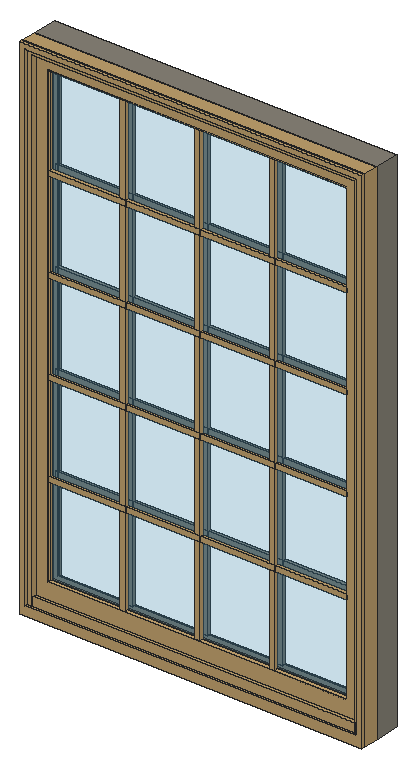
Revit family
Parameters (values of type "CUDHMP")
  Window Type = "Clad Ultimate Double Hung Magnum Picture Unit"
  URL = "www.marvin.com"
  Rough Width = Width + 0' 1"  # 4' - 1"
  Rough Height = Height + 0' 0 1/2"  # 6' - 0 1/2"
  Prairie Corner Width = 0' - 4"
  Prairie Corner Height = 0' - 4"
  Nominal Width = 4' - 0"
  Nominal Height = 6' - 0"
  Muntins Interior Visibility = yes
  Muntins Interior Material = Wood-Marvin-Pine
  Muntins Exterior Visibility = yes
  Muntins Exterior Material = Aluminum-Marvin-Bronze
  Model = "CUDHMP"
  Manufacturer = "Marvin Windows and Doors"
  Lites Wide = 4
  Lites High = 5
  Lite Cut Prairie 9 = no
  Lite Cut HV Grid = not(Lite Cut Prairie 9)  # yes
  Label Visibility = no
  Jamb Extension Visibility = yes
  Interior Material = Wood-Marvin-Pine
  Inset to Installation Flange [instance] = 0' - 1"
  Height = Nominal Height  # 6' - 0"
  Glazing Material = Glass-Marvin-IG Low E II with Argon
  Glass Type = "IG Low E II with Argon"
  Frame = "Aluminum Clad"
  Family created by = "www.rbuiltcomponents.com"
  Design Pressure = if(or(Width > 5' 2 3/8", Height > 8' 8 7/8"), "", "DP50")  # "DP50"
  Description = "FIXED"
  Default Head Height = 8' - 0"
  Wall Closure = (empty or 0)
  Width = Nominal Width  # 4' - 0"
  Daylight Area = DLO Width * DLO Height  # 18.4361 SF
  DLO Width = Width - 0' 6 7/16"  # 3' - 5 9/16"
  DLO Height = Height - 0' 8 1/8"  # 5' - 3 7/8"
  Cladding Material = Aluminum-Marvin-Bronze
  Assembly Code = ""
Reference planes (in)
  plane 1 "Center (Front/Back)": y = 0
  plane 2: z = 0
  plane 3 "Center (Left/Right)": x = 0
  plane 4 "Left": x = -24
  plane 5 "Right": x = 24
  plane 6 "Sill": z = 24
  plane 7 "Top": z = 96
  plane 8 "Inset": y = 2
  plane 9 "Glazing 1": y = 1.4375
  plane 10 "Glazing": y = -0.4375
  plane 11 "Jamb Ext Face": y = -2.5625
  plane 12: z = 92.78125
  plane 13: x = 20.78125
  plane 14: x = -20.78125
  plane 15: z = 28.84375
  plane 16: z = 60.8125
  plane 17: y = -2.59375
Forms (in)
  Sweep 1, solid, material "Aluminum-Marvin-Bronze" <- "Cladding Material"
    path origin (0, -0.4375, 0) x (1, 0, 0) y (0, 0, 1)
      loop
        line (23.28971, 24) -> (-23.28971, 24)
    profile "Clad Sill : Clad Sill" origin (0, -0.4375, 24) x (0, 0, -1) y (0, -1, 0)
      loop
        line (0, -3.53125) -> (0, 0) -> (-1.24782, 0) -> (-0.74956, -3.53125) -> (0, -3.53125)
  Sweep 2, solid, material "Aluminum-Marvin-Bronze" <- "Cladding Material"
    path origin (0, 1.4375, 0) x (1, 0, 0) y (0, 0, 1)
      loop
        line (-24, 24) -> (-24, 96) -> (24, 96) -> (24, 24)
    profile "Clad Frame : Clad Frame" origin (-24, 1.4375, 60) x (-1, 0, 0) y (0, -1, 0)
      loop
        line (0, 1.875) -> (-1.375, 1.875) -> (-1.375, -0.46355) -> (-1.64308, -0.46355) -> (-1.64308, -0.75195) -> (-0.78115, -0.75195) -> (-0.78115, -1.14817) -> (-0.71029, -1.65625) -> (0, -1.65625) -> (0, 1.875)
  Sweep 3, solid, material "Wood-Marvin-Pine" <- "Interior Material"
    path origin (0, -0.4375, 0) x (1, 0, 0) y (0, 0, 1)
      loop
        line (22.625, 24) -> (-22.625, 24)
    profile "Sill interior : Sill interior" origin (0, -0.4375, 24) x (0, 0, -1) y (0, -1, 0)
      loop
        line (-1.24782, 0) -> (0, 0) -> (0, 2.125) -> (-2.566, 2.125) -> (-2.566, 1.6712) -> (-1.48362, 1.6712) -> (-1.24782, 0)
  Sweep 4, solid, material "Wood-Marvin-Pine" <- "Interior Material"
    path origin (0, -0.4375, 0) x (1, 0, 0) y (0, 0, 1)
      loop
        line (-20.78125, 28.84375) -> (20.78125, 28.84375) -> (20.78125, 92.78125) -> (-20.78125, 92.78125) -> (-20.78125, 28.84375)
    profile "Sash : Sash" origin (-20.78125, -0.4375, 60.8125) x (-1, 0, 0) y (0, -1, 0)
      loop
        line (1.79056, 0) -> (1.79056, 1.5) -> (0.219, 1.5) -> (0.219, 1.43308) -> (0, 1.21408) -> (0, 1.03586) -> (0.688, 1.03586) -> (0.688, 0) -> (1.79056, 0)
  Sweep 5, solid, material "Aluminum-Marvin-Bronze" <- "Cladding Material"
    path origin (0, -0.4375, 0) x (1, 0, 0) y (0, 0, 1)
      loop
        line (-20.78125, 28.84375) -> (20.78125, 28.84375) -> (20.78125, 92.78125) -> (-20.78125, 92.78125) -> (-20.78125, 28.84375)
    profile "Clad Sash_Magnum_Picture : Clad Sash_Magnum_Picture" origin (-20.78125, -0.4375, 60.8125) x (-1, 0, 0) y (0, -1, 0)
      loop
        line (1.83258, -0.55971) -> (1.83258, 0) -> (0, 0) -> (0, -0.04294) -> (0.19724, -0.24017) -> (0.19724, -0.55971) -> (1.83258, -0.55971)
  Sweep 6, solid, material "Aluminum-Marvin-Bronze" <- "Cladding Material"
    path in 3D
      loop
        line (22.61383, 0.12221, 27.01117) -> (-22.61383, 0.12221, 27.01117)
    profile "Clad Sash bot ext : Clad Sash bot ext" origin (0, 0.12221, 27.01117) x (0, 1, 0) y (0, 0, -1)
      loop
        line (-0.55971, 1.74509) -> (-0.55971, 0) -> (0, 0) -> (0, 1.82126) -> (-0.55971, 1.74509)
  Sweep 7, solid, material "Wood-Marvin-Pine" <- "Interior Material"
    path in 3D
      loop
        line (22.57181, -0.4375, 27.05319) -> (-22.57181, -0.4375, 27.05319)
    profile "Sash bottom ext : Sash bottom ext" origin (0, -0.4375, 27.05319) x (0, 1, 0) y (0, 0, -1)
      loop
        line (0, 0) -> (0, 1.67578) -> (-1.5, 1.44913) -> (-1.5, 0) -> (0, 0)
  Extrusion 8, solid, material "Wood-Marvin-Pine" <- "Interior Material"
    sketch origin (0, 1.4375, 0) x (1, 0, 0) y (0, 0, 1)
      loop
        line (24, 24) -> (24, 96) -> (-24, 96) -> (-24, 24) -> (-22.625, 24) -> (-22.625, 94.625) -> (22.625, 94.625) -> (22.625, 24) -> (24, 24)
    from 1.875 to 4
  Extrusion 9, solid, material "Glass-Marvin-IG Low E II with Argon" <- "Glazing Material"
    sketch origin (0, -0.4375, 0) x (1, 0, 0) y (0, 0, 1)
      loop
        line (21.28125, 93.28125) -> (-21.28125, 93.28125) -> (-21.28125, 28.34375) -> (21.28125, 28.34375) -> (21.28125, 93.28125)
    from 0 to 0.15625
  Extrusion 10, solid, material "Glass-Marvin-IG Low E II with Argon" <- "Glazing Material"
    sketch origin (0, -0.4375, 0) x (1, 0, 0) y (0, 0, 1)
      loop
        line (21.28125, 93.28125) -> (-21.28125, 93.28125) -> (-21.28125, 28.34375) -> (21.28125, 28.34375) -> (21.28125, 93.28125)
    from 0.875 to 1.03125
  Extrusion 11, solid, material "Wood-Marvin-Pine" <- "Interior Material", visible <- "Jamb Extension Visibility", detail levels medium+fine
    sketch origin (0, -2.3125, 0) x (1, 0, 0) y (0, 0, 1)
      loop
        line (-24, 96) -> (-24, 24) -> (24, 24) -> (24, 96) -> (-24, 96)
      loop
        line (-23.3125, 95.3125) -> (-23.3125, 25.3125) -> (23.3125, 25.3125) -> (23.3125, 95.3125) -> (-23.3125, 95.3125)
    from 0.28125 to 0.6875
Cuts and joins
  joined: Sweep 5, Sweep 6
  joined: Sweep 4, Sweep 7
  joined: Sweep 1, Sweep 2
Lines and regions (in)
  Opening 1
    outline origin (-60, -3, 0) x (1, 0, 0) y (0, 0, 1)
      loop
        line (36, 96) -> (36, 24) -> (84, 24) -> (84, 96) -> (36, 96)
  Masking region 1
    outline origin (0, 0, 24) x (0, -1, 0) y (1, 0, 0)
      loop
        line (-3.09375, -24) -> (2.5625, -24) -> (2.5625, 24) -> (-3.09375, 24) -> (-3.09375, -24)
  Masking region 2
    outline origin (0, 0, 0) x (0, 1, 0) y (0, 0, 1)
      loop
        line (3.09375, 96) -> (-2.5625, 96) -> (-2.5625, 24) -> (3.09375, 24) -> (3.09375, 96)
  Masking region 3, visible <- "Jamb Extension Visibility"
    outline origin (0, 0, 24) x (0, -1, 0) y (1, 0, 0)
      loop
        line (2.59375, -24) -> (3, -24) -> (3, 24) -> (2.59375, 24) -> (2.59375, -24)
  Masking region 4, visible <- "Jamb Extension Visibility"
    outline origin (0, 0, 0) x (0, 1, 0) y (0, 0, 1)
      loop
        line (-2.59375, 96) -> (-3, 96) -> (-3, 24) -> (-2.59375, 24) -> (-2.59375, 96)
  sketch lines
    curve 1: line (22.61383, 0.12221, 27.01117) -> (-22.61383, 0.12221, 27.01117)
    curve 2: line (22.57181, -0.4375, 27.05319) -> (-22.57181, -0.4375, 27.05319)
  symbolic lines, style "Jamb Extension", visible <- "Jamb Extension Visibility", detail levels fine
    curve 3: line (-23.3125, -2.59375, 24) -> (-23.3125, -3, 24)
    curve 4: line (23.3125, -3, 24) -> (23.3125, -2.59375, 24)
    curve 5: line (0, -2.59375, 95.3125) -> (0, -3, 95.3125)
    curve 6: line (0, -2.59375, 25.31593) -> (0, -3, 25.31593)
    curve 36: line (-23.3125, -3, 0) -> (-24, -3, 0)
    curve 37: line (23.3125, -3, 0) -> (24, -3, 0)
    curve 42: line (0, -3, 25.31593) -> (0, -3, 24)
    curve 43: line (0, -3, 95.3125) -> (0, -3, 96)
  symbolic lines, style "Jamb Extension", detail levels fine
    curve 7: line (0, -2.59375, 95.3125) -> (0, -2.59375, 96)
  symbolic lines, style "WindowsFrameMullionProjection", detail levels coarse+medium
    curve 8: line (-24, 3.09375, 24) -> (-22.625, 3.09375, 24)
    curve 9: line (-22.625, 3.09375, 24) -> (-22.625, -2.5625, 24)
    curve 10: line (-22.625, -2.5625, 24) -> (-24, -2.5625, 24)
    curve 11: line (24, 3.09375, 24) -> (22.625, 3.09375, 24)
    curve 12: line (22.625, 3.09375, 24) -> (22.625, -2.5625, 24)
    curve 13: line (22.625, -2.5625, 24) -> (24, -2.5625, 24)
    curve 14: line (-20.78125, 0.12221, 24) -> (20.78125, 0.12221, 24)
    curve 15: line (20.78125, 0.12221, 24) -> (22.625, 0.12221, 24)
    curve 16: line (-20.78125, -1.9375, 24) -> (20.78125, -1.9375, 24)
    curve 17: line (20.78125, 0.12221, 24) -> (20.78125, -1.9375, 24)
    curve 18: line (20.78125, -1.9375, 24) -> (22.625, -1.9375, 24)
    curve 19: line (-20.78125, 0.12221, 24) -> (-22.625, 0.12221, 24)
    curve 20: line (-20.78125, 0.12221, 24) -> (-20.78125, -1.9375, 24)
    curve 21: line (-20.78125, -1.9375, 24) -> (-22.625, -1.9375, 24)
    curve 22: line (0, 3.09375, 96) -> (0, 3.09375, 94.75)
    curve 23: line (0, 3.09375, 94.75) -> (0, -2.5625, 94.75)
    curve 24: line (0, -2.5625, 94.75) -> (0, -2.5625, 96)
    curve 25: line (0, 3.09375, 24) -> (0, 3.09375, 24.74513)
    curve 26: line (0, 3.09375, 24.74513) -> (0, -2.56292, 25.55061)
    curve 27: line (0, -2.56292, 25.55061) -> (0, -2.56292, 24)
    curve 28: line (0, 0.12221, 28.84375) -> (0, 0.12221, 92.78125)
    curve 29: line (0, -1.9375, 28.84375) -> (0, -1.9375, 92.78125)
    curve 30: line (0, 0.12221, 25.16826) -> (0, 0.12221, 28.84375)
    curve 31: line (0, 0.12221, 28.84375) -> (0, -1.9375, 28.84375)
    curve 32: line (0, -1.9375, 28.84375) -> (0, -1.9375, 25.46156)
    curve 33: line (0, 0.12221, 94.75) -> (0, 0.12221, 92.78125)
    curve 34: line (0, -1.9375, 92.78125) -> (0, -1.9375, 94.75)
    curve 35: line (0, -1.9375, 92.78125) -> (0, 0.12221, 92.78125)
  symbolic lines, style "WindowsFrameMullionProjection", visible <- "Jamb Extension Visibility", detail levels coarse+medium
    curve 38: line (-24, -3, 0) -> (-23.3125, -3, 0)
    curve 39: line (-23.3125, -3, 0) -> (-23.3125, -2.59375, 0)
    curve 40: line (24, -3, 0) -> (23.3125, -3, 0)
    curve 41: line (23.3125, -3, 0) -> (23.3125, -2.59375, 0)
    curve 44: line (0, -2.59375, 25.31257) -> (0, -3, 25.31257)
    curve 45: line (0, -3, 25.31257) -> (0, -3, 24)
    curve 46: line (0, -2.59375, 95.3125) -> (0, -3, 95.3125)
    curve 47: line (0, -3, 95.3125) -> (0, -3, 96)
  symbolic lines, style "WindowsGlassProjection", detail levels coarse+medium
    curve 48: line (20.78125, -0.8867, 24) -> (-20.78125, -0.8867, 24)
    curve 49: line (0, -0.89091, 28.84375) -> (0, -0.89091, 92.78125)
Text (in)
  text "EXTERIOR" at (-58.6888, 50.90694, 0), in view "Ref. Level"
  text "INTERIOR" at (-58.6888, -37.76638, 0), in view "Ref. Level"
  text "Exterior" at (0, 43.65631, 123.19604), in view "Left"
  text "Exterior" at (0, 18.29385, 125.04747), in view "Right"
Dimensions and locks (in)
  equal spacing: plane 4 "Left", plane 3 "Center (Left/Right)", plane 5 "Right"
  "Width": plane 4 "Left" to plane 5 "Right"
  "Height": plane 6 "Sill" to plane 7 "Top"
  "Default Head Height": level to plane 7 "Top"
  "Inset to Installation Flange": host wall to plane 8 "Inset"
  locked: plane 9 "Glazing 1" to plane 8 "Inset" at 0.5625
  locked: plane 10 "Glazing" to plane 8 "Inset" at 2.4375
  locked: plane 11 "Jamb Ext Face" to plane 8 "Inset" at 4.5625
  locked: plane 12 to plane 7 "Top" at 3.21875
  locked: plane 6 "Sill" to plane 15 at 4.84375
  locked: plane 4 "Left" to plane 14 at 3.21875
  locked: plane 13 to plane 5 "Right" at 3.21875
  equal spacing: plane 15, plane 16, plane 12
  locked: plane 13 to Extrusion 9 sketch curve at 0.5
  locked: Extrusion 9 sketch curve to plane 15 at 0.5
  locked: Extrusion 9 sketch curve to plane 14 at 0.5
  Sweep 1 sketch curve to plane 5 "Right" = 0' - 0.71029"
  plane 4 "Left" to Sweep 1 sketch curve = 0' - 0.71029"
  locked: plane 4 "Left" to Extrusion 11 sketch curve at 0.6875
  locked: plane 7 "Top" to Extrusion 11 sketch curve at 0.6875
  locked: Extrusion 11 sketch curve to plane 6 "Sill" at 1.3125
  locked: Extrusion 11 sketch curve to plane 5 "Right" at 0.6875
  locked: Extrusion 8 sketch curve to plane 5 "Right" at 1.375
  locked: Extrusion 8 sketch curve to plane 4 "Left" at 1.375
  locked: Extrusion 8 sketch curve to plane 7 "Top" at 1.375
  locked: nested 3 to host wall at 12
  locked: plane 12 to Extrusion 9 sketch curve at 0.5
  locked: Extrusion 10 sketch curve to plane 12 at 0.5
  locked: plane 13 to Extrusion 10 sketch curve at 0.5
  locked: plane 15 to Extrusion 10 sketch curve at 0.5
  locked: Extrusion 10 sketch curve to plane 14 at 0.5
  locked: Extrusion 9 to Extrusion 9 at 0.15625
  locked: plane 10 "Glazing" to Extrusion 10 at 1.03125
  locked: plane 10 "Glazing" to Extrusion 10 at 0.875
  locked: Extrusion 10 to Extrusion 10 at 0.15625
  locked: nested 5 to plane 10 "Glazing" at 1.03125
  locked: plane 17 to plane 11 "Jamb Ext Face" at 0.03125
  aligned and locked: plane 7 "Top" to Opening 1 sketch curve
  aligned and locked: plane 6 "Sill" to Opening 1 sketch curve  (x2)
  aligned and locked: plane 5 "Right" to Opening 1 sketch curve
  aligned and locked: plane 4 "Left" to Opening 1 sketch curve
  aligned and locked: nested 1 to plane 3 "Center (Left/Right)"
  aligned and locked: plane 8 "Inset" to nested 1
  aligned and locked: plane 6 "Sill" to Sweep 1 sketch curve
  aligned and locked: plane 4 "Left" to Sweep 2 sketch curve
  aligned and locked: Sweep 2 sketch curve to plane 7 "Top"
  aligned and locked: Sweep 2 sketch curve to plane 5 "Right"
  aligned and locked: plane 6 "Sill" to Sweep 2 sketch curve  (x2)
  aligned and locked: plane 6 "Sill" to Sweep 3 sketch curve
  aligned and locked: plane 14 to Sweep 4 sketch curve
  aligned and locked: Sweep 4 sketch curve to plane 13
  aligned and locked: plane 15 to Sweep 4 sketch curve
  aligned and locked: plane 14 to Sweep 5 sketch curve
  aligned and locked: Sweep 5 sketch curve to plane 13
  aligned and locked: plane 15 to Sweep 5 sketch curve
  aligned and locked: plane 5 "Right" to Extrusion 8 sketch curve
  aligned and locked: Extrusion 8 sketch curve to plane 4 "Left"
  aligned and locked: plane 7 "Top" to Extrusion 8 sketch curve
  aligned and locked: plane 11 "Jamb Ext Face" to Extrusion 8
  aligned and locked: Extrusion 11 sketch curve to plane 4 "Left"
  aligned and locked: plane 7 "Top" to Extrusion 11 sketch curve
  aligned and locked: plane 5 "Right" to Extrusion 11 sketch curve
  aligned and locked: Extrusion 11 sketch curve to plane 6 "Sill"
  aligned and locked: host wall to Extrusion 11
  aligned and locked: Masking region 1 sketch curve to plane 4 "Left"
  aligned and locked: plane 5 "Right" to Masking region 1 sketch curve
  aligned and locked: plane 7 "Top" to Masking region 2 sketch curve
  aligned and locked: Masking region 2 sketch curve to plane 6 "Sill"
  aligned and locked: Extrusion 11 to curve 7
  aligned and locked: nested 2 to plane 8 "Inset"
  aligned and locked: Extrusion 8 sketch curve to plane 6 "Sill"  (x2)
  aligned and locked: Sweep 3 sketch curve to Extrusion 8
  aligned and locked: Extrusion 8 to Sweep 3 sketch curve
  aligned and locked: Masking region 2 sketch curve to cut or joined group of Sweep 1, Sweep 2
  aligned and locked: curve 9 to Extrusion 8
  aligned and locked: curve 12 to Extrusion 8
  aligned and locked: curve 11 to cut or joined group of Sweep 1, Sweep 2
  aligned and locked: plane 11 "Jamb Ext Face" to curve 13
  aligned and locked: plane 14 to curve 20
  aligned and locked: curve 15 to Extrusion 8
  aligned and locked: host wall to curve 3
  aligned and locked: host wall to curve 4
  aligned and locked: curve 10 to plane 11 "Jamb Ext Face"
  aligned and locked: plane 4 "Left" to curve 38
  aligned and locked: host wall to curve 38
  aligned and locked: plane 5 "Right" to curve 40
  aligned and locked: curve 40 to host wall
  aligned and locked: curve 8 to cut or joined group of Sweep 1, Sweep 2
  aligned and locked: Masking region 1 sketch curve to cut or joined group of Sweep 1, Sweep 2
  aligned and locked: host wall to curve 6
  aligned and locked: plane 6 "Sill" to curve 42
  aligned and locked: plane 6 "Sill" to curve 45
  aligned and locked: curve 45 to host wall
  aligned and locked: plane 7 "Top" to curve 43
  aligned and locked: host wall to curve 43
  aligned and locked: plane 7 "Top" to curve 47
  aligned and locked: plane 7 "Top" to curve 24
  aligned and locked: plane 11 "Jamb Ext Face" to curve 24
  aligned and locked: curve 22 to cut or joined group of Sweep 1, Sweep 2
  aligned and locked: plane 3 "Center (Left/Right)" to nested 3
  aligned and locked: Sweep 5 sketch curve to plane 12
  aligned and locked: Sweep 4 sketch curve to plane 12
  aligned and locked: Extrusion 8 to plane 10 "Glazing"
  aligned and locked: plane 12 to curve 29
  aligned and locked: Extrusion 9 to plane 10 "Glazing"
  aligned and locked: nested 4 to plane 16
  aligned and locked: plane 3 "Center (Left/Right)" to nested 5
  aligned and locked: nested 5 to plane 16
  aligned and locked: plane 10 "Glazing" to nested 4
  aligned and locked: nested 2 to plane 7 "Top"
  aligned and locked: plane 14 to curve 48
  aligned and locked: plane 13 to curve 17
  aligned and locked: plane 13 to curve 48
  aligned and locked: plane 15 to curve 31
  aligned and locked: curve 31 to curve 49
  aligned and locked: curve 35 to curve 49
  aligned and locked: cut or joined group of Sweep 5, Sweep 6 to curve 19
  aligned and locked: curve 21 to cut or joined group of Sweep 4, Sweep 7
  aligned and locked: curve 30 to cut or joined group of Sweep 5, Sweep 6
  aligned and locked: curve 32 to cut or joined group of Sweep 4, Sweep 7
  aligned and locked: curve 25 to cut or joined group of Sweep 1, Sweep 2
  aligned and locked: Extrusion 11 to curve 44
  aligned and locked: Extrusion 11 to curve 6
  aligned and locked: Extrusion 11 to curve 39
  aligned and locked: Extrusion 11 to curve 3
  aligned and locked: Extrusion 11 to curve 4
  aligned and locked: Extrusion 11 to curve 41
  aligned and locked: Extrusion 11 to plane 17
  aligned and locked: Masking region 1 sketch curve to plane 11 "Jamb Ext Face"
  aligned and locked: Masking region 3 sketch curve to plane 4 "Left"
  aligned and locked: plane 5 "Right" to Masking region 3 sketch curve
  aligned and locked: plane 17 to Masking region 3 sketch curve
  aligned and locked: Masking region 3 sketch curve to host wall
  aligned and locked: Masking region 2 sketch curve to plane 11 "Jamb Ext Face"
  aligned and locked: plane 7 "Top" to Masking region 4 sketch curve
  aligned and locked: Masking region 4 sketch curve to plane 6 "Sill"
  aligned and locked: plane 17 to Masking region 4 sketch curve
  aligned and locked: Masking region 4 sketch curve to host wall
Automatic sketch dimensions
  curve 25 to plane 6 "Sill" = 0' - 0"
  curve 22 to plane 7 "Top" = 0' - 0"
  curve 7 to plane 7 "Top" = 0' - 0"
  plane 11 "Jamb Ext Face" to curve 27 = 0' - 0.00042"
  plane 10 "Glazing" to curve 49 = 0' - 0.45341"
  plane 6 "Sill" to curve 27 = 0' - 0"
  curve 25 to curve 26 = 0' - 0.74513"
  curve 30 to plane 6 "Sill" = 0' - 1.16826"
  curve 45 to curve 26 = 0' - 0.23804"
  curve 44 to curve 6 = 0' - 0.00337"
  plane 7 "Top" to curve 33 = 0' - 1 1/4"
  plane 7 "Top" to curve 47 = 0' - 0 11/16"
  curve 8 to plane 4 "Left" = 0' - 0"
  curve 10 to plane 4 "Left" = 0' - 0"
  curve 11 to plane 5 "Right" = 0' - 0"
  curve 13 to plane 5 "Right" = 0' - 0"
  plane 10 "Glazing" to curve 48 = 0' - 0.4492"
  curve 3 to plane 4 "Left" = 0' - 0 11/16"
  plane 5 "Right" to curve 4 = 0' - 0 11/16"
  curve 36 to plane 4 "Left" = 0' - 0"
  curve 37 to plane 5 "Right" = 0' - 0"
  curve 36 to curve 39 = 0' - 0 11/16"
  plane 5 "Right" to curve 37 = 0' - 0 11/16"
Nested families (in)
  nested 1: "Double_Hung_Magnum_Picture_Plan_Detail" at (0, 2, 24) x (-1, 0, 0) z (0, 0, -1), type "Double_Hung_Plan_Detail", detail levels fine
    with Width 4' - 0"
  nested 2: "Double_Hung_Magnum_Picture_Section_Detail" at (0, 2, 60) x (0, 1, 0) z (1, 0, 0), type "Double_Hung_Section_Detail", detail levels fine
    with Height 6' - 0"
  nested 3: "Label Annotation 1-16 w6" at (0, 15, 0), visible <- "Label Visibility", type "Label Annotation 1-16 w6"
  nested 4: "Muntins" at (-0.05038, -0.4375, -7.125), Muntin Material <- "Muntins Exterior Material", visible <- "Muntins Exterior Visibility", type "Muntins"
    with Muntin Material Aluminum-Marvin-Bronze, GlazingWidth 3' - 5 9/16", GlazingHeight 5' - 3 7/8", Width 3' - 6", VerticalMuntins 3, LitesVertical 5, LitesHorizontal 4, HorizontalMuntins 4, Height 5' - 4 5/16", Inset Vert 0' - 10 1/8", Inset Horiz 1' - 0.4875"
  nested 5: "Muntins" at (0, -1.46875, -7.125) x (-1, 0, 0) z (0, 0, 1), Muntin Material <- "Muntins Interior Material", visible <- "Muntins Interior Visibility", type "Muntins"
    with Muntin Material Wood-Marvin-Pine, GlazingWidth 3' - 5 9/16", GlazingHeight 5' - 3 7/8", Width 3' - 6", VerticalMuntins 3, LitesVertical 5, LitesHorizontal 4, HorizontalMuntins 4, Height 5' - 4 5/16", Inset Vert 0' - 10 1/8", Inset Horiz 1' - 0.4875"
Definition of nested family "Muntins"
  Parameters (values of type "Muntins")
    PrairieMuntVisible = no
    Prairie Corner Width = 0' - 4"
    Prairie Corner Height = 0' - 4"
    Muntin Extension = 0' - 0 7/16"
    GridMuntVisible = yes
    GlazingWidth = 2' - 0"
    GlazingHeight = 2' - 11 1/8"
    Width = GlazingWidth + Muntin Extension  # 2' - 0 7/16"
    VerticalMuntins = if(LitesHorizontal < 3, 2, LitesHorizontal - 1)  # 2
    VertMuntVisible = and(GridMuntVisible, LitesHorizontal > 2)  # yes
    MuntinWidth = 0' - 0 3/4"
    MuntinDepth [instance] = 0' - 0 3/8"
    Muntin Material [instance] = none
    LitesVertical = 3
    LitesHorizontal = 3
    HorizontalMuntins = if(LitesVertical < 3, 2, LitesVertical - 1)  # 2
    HorizMuntVisible = and(GridMuntVisible, LitesVertical > 2)  # yes
    Height = GlazingHeight + Muntin Extension  # 2' - 11 9/16"
    Inset Vert = if(LitesHorizontal < 3, (Width / 3) - (MuntinWidth / 2), (Width / LitesHorizontal) - (MuntinWidth / 2))  # 0' - 7.77083"
    Inset Horiz = if(LitesVertical < 3, (Height / 3) - (MuntinWidth / 2), (Height / LitesVertical) - (MuntinWidth / 2))  # 0' - 11.47917"
    CenterMuntinVertical = and(GridMuntVisible, LitesHorizontal = 2)  # no
    CenterMuntinHorizontal = and(GridMuntVisible, LitesVertical = 2)  # no
    Assembly Code = ""
  Reference planes (in)
    plane 1 "Center (Front/Back)": y = 0
    plane 2: z = 0
    plane 3 "Center (Left/Right)": x = 0
    plane 4: z = 35.78125
    plane 5: z = 53.5625
    plane 6: z = 71.34375
    plane 7: z = 59.86458
    plane 8: z = 47.26042
    plane 9: z = 71.125
    plane 10: z = 36
    plane 11: x = -12
    plane 12: x = 12
    plane 13: x = -4.44792
    plane 14: x = -12.21875
    plane 15: x = 12.21875
    plane 16: x = 4.44792
    plane 17: z = 67.125
    plane 18: z = 40
    plane 19: x = -8
    plane 20: x = 8
  Forms (in)
    Extrusion 1, solid, material <- "Muntin Material", visible <- "CenterMuntinVertical", detail levels medium+fine
      sketch origin (9, 0, 0) x (1, 0, 0) y (0, 0, 1)
        loop
          line (-9.375, 71.34375) -> (-9.375, 35.78125) -> (-8.625, 35.78125) -> (-8.625, 71.34375) -> (-9.375, 71.34375)
      from 0 to 0.375 <- "MuntinDepth"
    Extrusion 2, solid, material <- "Muntin Material", visible <- "CenterMuntinHorizontal", detail levels medium+fine
      sketch origin (-0.0013, 0, 14.6875) x (1, 0, 0) y (0, 0, 1)
        loop
          line (-12.21745, 39.25) -> (-12.21745, 38.5) -> (12.22005, 38.5) -> (12.22005, 39.25) -> (-12.21745, 39.25)
      from 0 to 0.375 <- "MuntinDepth"
    Extrusion 3, solid, material <- "Muntin Material", visible <- "VertMuntVisible", detail levels medium+fine
      sketch origin (4.92708, 0, -2.90625) x (1, 0, 0) y (0, 0, 1)
        loop
          line (-9.375, 74.25) -> (-9.375, 38.6875) -> (-8.625, 38.6875) -> (-8.625, 74.25) -> (-9.375, 74.25)
      from 0 to 0.375 <- "MuntinDepth"
    Extrusion 4, solid, material <- "Muntin Material", visible <- "HorizMuntVisible", detail levels medium+fine
      sketch origin (-3.09635, 0, 14.17708) x (1, 0, 0) y (0, 0, 1)
        loop
          line (-9.1224, 45.6875) -> (-9.1224, 44.9375) -> (15.3151, 44.9375) -> (15.3151, 45.6875) -> (-9.1224, 45.6875)
      from 0 to 0.375 <- "MuntinDepth"
    Extrusion 5, solid, material <- "Muntin Material", visible <- "HorizMuntVisible", detail levels medium+fine
      sketch origin (-3.09635, 0, 2.32292) x (1, 0, 0) y (0, 0, 1)
        loop
          line (-9.1224, 45.6875) -> (-9.1224, 44.9375) -> (15.3151, 44.9375) -> (15.3151, 45.6875) -> (-9.1224, 45.6875)
      from 0 to 0.375 <- "MuntinDepth"
    Extrusion 6, solid, material <- "Muntin Material", visible <- "VertMuntVisible", detail levels medium+fine
      sketch origin (13.07292, 0, -2.90625) x (1, 0, 0) y (0, 0, 1)
        loop
          line (-9.375, 74.25) -> (-9.375, 38.6875) -> (-8.625, 38.6875) -> (-8.625, 74.25) -> (-9.375, 74.25)
      from 0 to 0.375 <- "MuntinDepth"
    Extrusion 7, solid, material <- "Muntin Material", visible <- "PrairieMuntVisible", detail levels medium+fine
      sketch origin (1, 0, 0) x (1, 0, 0) y (0, 0, 1)
        loop
          line (-9, 71.34375) -> (-9, 35.78125) -> (-8.25, 35.78125) -> (-8.25, 71.34375) -> (-9, 71.34375)
      from 0 to 0.375 <- "MuntinDepth"
    Extrusion 8, solid, material <- "Muntin Material", visible <- "PrairieMuntVisible", detail levels medium+fine
      sketch origin (17, 0, 0) x (1, 0, 0) y (0, 0, 1)
        loop
          line (-9.75, 71.34375) -> (-9.75, 35.78125) -> (-9, 35.78125) -> (-9, 71.34375) -> (-9.75, 71.34375)
      from 0 to 0.375 <- "MuntinDepth"
    Extrusion 9, solid, material <- "Muntin Material", visible <- "PrairieMuntVisible", detail levels medium+fine
      sketch origin (-0.0013, 0, 28.25) x (1, 0, 0) y (0, 0, 1)
        loop
          line (-12.21745, 38.875) -> (-12.21745, 38.125) -> (12.22005, 38.125) -> (12.22005, 38.875) -> (-12.21745, 38.875)
      from 0 to 0.375 <- "MuntinDepth"
    Extrusion 10, solid, material <- "Muntin Material", visible <- "PrairieMuntVisible", detail levels medium+fine
      sketch origin (-0.0013, 0, 1.125) x (1, 0, 0) y (0, 0, 1)
        loop
          line (-12.21745, 39.625) -> (-12.21745, 38.875) -> (12.22005, 38.875) -> (12.22005, 39.625) -> (-12.21745, 39.625)
      from 0 to 0.375 <- "MuntinDepth"
  Cuts and joins
    joined: Extrusion 7, Extrusion 8, Extrusion 9, Extrusion 10
  Lines and regions (in)
    model lines, style "Muntins", visible <- "CenterMuntinHorizontal", detail levels coarse
      curve 1: line (-12.21875, 0, 53.5625) -> (12.21875, 0, 53.5625)
    model lines, style "Muntins", visible <- "HorizMuntVisible", detail levels coarse
      curve 2: line (-12.21875, 0, 59.48958) -> (12.21875, 0, 59.48958)
      curve 3: line (-12.21875, 0, 47.63542) -> (12.21875, 0, 47.63542)
    model lines, style "Muntins", visible <- "CenterMuntinVertical", detail levels coarse
      curve 4: line (0, 0, 71.34375) -> (0, 0, 35.78125)
    model lines, style "Muntins", visible <- "VertMuntVisible", detail levels coarse
      curve 5: line (-4.07292, 0, 71.34375) -> (-4.07292, 0, 35.78125)
      curve 6: line (4.07292, 0, 71.34375) -> (4.07292, 0, 35.78125)
    model lines, style "Muntins", visible <- "PrairieMuntVisible", detail levels coarse
      curve 7: line (-12.21875, 0, 66.75) -> (12.21875, 0, 66.75)
      curve 8: line (-12.21875, 0, 40.375) -> (12.21875, 0, 40.375)
      curve 9: line (-7.625, 0, 35.78125) -> (-7.625, 0, 71.34375)
      curve 10: line (7.625, 0, 35.78125) -> (7.625, 0, 71.34375)
  Dimensions and locks (in)
    "Inset Horiz": plane 6 to plane 7
    "Inset Horiz": plane 8 to plane 4
    equal spacing: plane 6, plane 5, plane 4
    "Height": plane 6 to plane 4
    "GlazingHeight": plane 9 to plane 10
    equal spacing: plane 9, plane 5, plane 10
    "GlazingWidth": plane 12 to plane 11
    equal spacing: plane 12, plane 3 "Center (Left/Right)", plane 11
    "MuntinWidth": Extrusion 1 sketch curve to Extrusion 1 sketch curve
    "Height": Extrusion 1 sketch curve to Extrusion 1 sketch curve
    "MuntinWidth": Extrusion 2 sketch curve to Extrusion 2 sketch curve
    "Width": Extrusion 2 sketch curve to Extrusion 2 sketch curve
    "MuntinWidth": Extrusion 3 sketch curve to Extrusion 3 sketch curve
    "Height": Extrusion 3 sketch curve to Extrusion 3 sketch curve
    "Width": plane 15 to plane 14
    equal spacing: plane 15, plane 3 "Center (Left/Right)", plane 14
    "Inset Vert": plane 13 to plane 14
    "Inset Vert": plane 15 to plane 16
    "MuntinWidth": Extrusion 4 sketch curve to Extrusion 4 sketch curve
    "Width": Extrusion 4 sketch curve to Extrusion 4 sketch curve
    "MuntinWidth": Extrusion 5 sketch curve to Extrusion 5 sketch curve
    "Width": Extrusion 5 sketch curve to Extrusion 5 sketch curve
    group 2 to group 3 = 0' - 0"  (x2)
    group 3 to group 2 = 0' - 11.85417"
    "MuntinWidth": Extrusion 6 sketch curve to Extrusion 6 sketch curve
    "Height": Extrusion 6 sketch curve to Extrusion 6 sketch curve
    group 4 to group 5 = 0' - 8.14583"
    group 4 to group 5 = 0' - 0"  (x2)
    "Prairie Corner Width": plane 19 to plane 11
    "Prairie Corner Width": plane 20 to plane 12
    "Prairie Corner Height": plane 9 to plane 17
    "Prairie Corner Height": plane 18 to plane 10
    "MuntinWidth": Extrusion 7 sketch curve to Extrusion 7 sketch curve
    "Height": Extrusion 7 sketch curve to Extrusion 7 sketch curve
    "MuntinWidth": Extrusion 8 sketch curve to Extrusion 8 sketch curve
    "Height": Extrusion 8 sketch curve to Extrusion 8 sketch curve
    "MuntinWidth": Extrusion 9 sketch curve to Extrusion 9 sketch curve
    "Width": Extrusion 9 sketch curve to Extrusion 9 sketch curve
    "MuntinWidth": Extrusion 10 sketch curve to Extrusion 10 sketch curve
    "Width": Extrusion 10 sketch curve to Extrusion 10 sketch curve
    aligned and locked: plane 6 to Extrusion 1  (x2)
    aligned and locked: Extrusion 1 to plane 4  (x3)
    aligned and locked: Extrusion 3 to plane 13  (x5)
    aligned and locked: Extrusion 3 to plane 4  (x3)
    aligned and locked: Extrusion 2 to plane 14
    aligned and locked: plane 15 to Extrusion 2
    aligned and locked: plane 6 to Extrusion 3
    aligned and locked: plane 7 to Extrusion 4
    aligned and locked: Extrusion 4 to plane 14
    aligned and locked: plane 15 to Extrusion 4
    aligned and locked: curve 1 to plane 5
    aligned and locked: plane 14 to curve 1
    aligned and locked: plane 15 to curve 1
    aligned and locked: Extrusion 5 to plane 14
    aligned and locked: Extrusion 5 to plane 8
    aligned and locked: plane 15 to Extrusion 5
    aligned and locked: Extrusion 5 to curve 3  (x2)
    aligned and locked: Extrusion 4 to curve 2  (x2)
    aligned and locked: curve 4 to plane 3 "Center (Left/Right)"
    aligned and locked: Extrusion 1 to curve 4  (x2)
    aligned and locked: Extrusion 3 to curve 5  (x2)
    aligned and locked: Extrusion 6 to curve 6  (x2)
    aligned and locked: Extrusion 6 to plane 16
    aligned and locked: plane 6 to Extrusion 6
    aligned and locked: plane 6 to curve 6
    aligned and locked: Extrusion 6 to plane 4
    aligned and locked: plane 4 to curve 6
    aligned and locked: cut or joined group of Extrusion 7, Extrusion 8, Extrusion 9, Extrusion 10 to plane 19
    aligned and locked: plane 20 to cut or joined group of Extrusion 7, Extrusion 8, Extrusion 9, Extrusion 10
    aligned and locked: plane 17 to cut or joined group of Extrusion 7, Extrusion 8, Extrusion 9, Extrusion 10
    aligned and locked: cut or joined group of Extrusion 7, Extrusion 8, Extrusion 9, Extrusion 10 to plane 18
    aligned and locked: cut or joined group of Extrusion 7, Extrusion 8, Extrusion 9, Extrusion 10 to curve 7  (x2)
    aligned and locked: cut or joined group of Extrusion 7, Extrusion 8, Extrusion 9, Extrusion 10 to curve 8  (x2)
    aligned and locked: cut or joined group of Extrusion 7, Extrusion 8, Extrusion 9, Extrusion 10 to curve 9  (x2)
    aligned and locked: cut or joined group of Extrusion 7, Extrusion 8, Extrusion 9, Extrusion 10 to curve 10  (x2)
  Automatic sketch dimensions
    Extrusion 1 sketch curve to plane 4 = 0' - 0"
    Extrusion 1 sketch curve to plane 3 "Center (Left/Right)" = 0' - 0 3/8"
    Extrusion 2 sketch curve to plane 14 = 0' - 0"
    Extrusion 2 sketch curve to plane 5 = 0' - 0 3/8"
    Extrusion 7 sketch curve to plane 4 = 0' - 0"
    Extrusion 7 sketch curve to plane 19 = 0' - 0"
    Extrusion 8 sketch curve to plane 4 = 0' - 0"
    Extrusion 8 sketch curve to plane 20 = 0' - 0 3/4"
    Extrusion 9 sketch curve to plane 14 = 0' - 0"
    Extrusion 9 sketch curve to plane 17 = 0' - 0 3/4"
    Extrusion 10 sketch curve to plane 14 = 0' - 0"
    Extrusion 10 sketch curve to plane 18 = 0' - 0"
    plane 19 to curve 9 = 0' - 0 3/8"
    curve 10 to plane 20 = 0' - 0 3/8"
    plane 18 to curve 8 = 0' - 0 3/8"
    curve 7 to plane 17 = 0' - 0 3/8"
Definition of nested family "Double_Hung_Magnum_Picture_Plan_Detail"
  Parameters (values of type "Double_Hung_Plan_Detail")
    Width = 4' - 1 3/8"
    Assembly Code = ""
  Reference planes (in)
    plane 1 "Center (Front/Back)": y = 0
    plane 2: z = 0
    plane 3 "Center (Left/Right)": x = 0
    plane 4: x = -24.6875
    plane 5: x = 24.6875
  Lines and regions (in)
    detail lines, style "Cut Lines", in view "Ref. Level"
      curve 1: line (-22.0004, -2.44717, 0) -> (22.0004, -2.44717, 0)
      curve 2: line (-22.0004, -3.46717, 0) -> (22.0004, -3.46717, 0)
      curve 3: line (-22.0004, -2.63839, 0) -> (22.0004, -2.63839, 0)
      curve 4: line (-22.0004, -3.27967, 0) -> (22.0004, -3.27967, 0)
  Dimensions and locks (in)
    equal spacing: plane 4, plane 3 "Center (Left/Right)", plane 5
    "Width": plane 4 to plane 5
    aligned and locked: plane 5 to nested 1
    aligned and locked: nested 1 to plane 1 "Center (Front/Back)"
    aligned and locked: nested 2 to plane 4
    aligned and locked: nested 2 to plane 1 "Center (Front/Back)"
  Automatic sketch dimensions
    curve 2 to curve 4 = 0' - 0"  (x2)
    curve 1 to curve 3 = 0' - 0"  (x2)
    curve 3 to curve 1 = 0' - 0.19122"
    curve 4 to curve 3 = 0' - 0.64128"
    curve 2 to curve 4 = 0' - 0 3/16"
    curve 2 to curve 3 = 0' - 0"
    curve 3 to curve 4 = 0' - 0"
    plane 5 to curve 4 = 0' - 2.6871"
    plane 4 to curve 1 = 0' - 2.6871"
    plane 1 "Center (Front/Back)" to curve 1 = 0' - 2.44717"
  Nested families (in)
    nested 1: "Jamb" at (24.6875, 0, 0) x (-1, 0, 0) z (0, 0, 1), type "Jamb", in view "Ref. Level"
    nested 2: "Jamb" at (-24.6875, 0, 0), type "Jamb", in view "Ref. Level"
  Definition of nested family "Jamb"
    Parameters (values of type "Jamb")
      Assembly Code = ""
    Reference planes (in)
      plane 1 "Center (Front/Back)": y = 0
      plane 2: z = 0
      plane 3 "Center (Left/Right)": x = 0
    Lines and regions (in)
      detail lines, style "Cut Lines", in view "Ref. Level"
        curve 1: line (0, -1.09579, 0) -> (0, 4.5625, 0)
        curve 2: line (1.375, 4.5625, 0) -> (0, 4.5625, 0)
        curve 3: line (1.375, 0.11393, 0) -> (1.375, 1.83589, 0)
        curve 4: line (1.64308, 0.11393, 0) -> (1.375, 0.11393, 0)
        curve 5: line (1.64308, -0.19077, 0) -> (1.64308, 0.11393, 0)
        curve 6: line (0.78115, -0.57069, 0) -> (0.78115, -0.19077, 0)
        curve 7: line (0.70792, -1.09579, 0) -> (0.78115, -0.57069, 0)
        curve 8: line (0, -1.09579, 0) -> (0.70792, -1.09579, 0)
        curve 9: line (-1.5, 0, 0) -> (-0.15, 0, 0)
        curve 10: line (0, -0.04501, 0) -> (-1.5, -0.04501, 0)
        curve 11: line (-1.5, -0.04501, 0) -> (-1.5, 0, 0)
        curve 12: line (-0.15, 0.10999, 0) -> (0, 0.10999, 0)
        curve 13: line (-0.15, 0, 0) -> (-0.15, 0.10999, 0)
        curve 14: line (0.78115, -0.19077, 0) -> (1.64308, -0.19077, 0)
        curve 15: line (0.78115, -0.19077, 0) -> (1.64308, -0.19077, 0)
        curve 16: line (2.98822, 2.18387, 0) -> (2.98822, 1.83589, 0)
        curve 17: line (3.2191, 2.37678, 0) -> (2.98822, 2.18387, 0)
        curve 18: line (2.5311, 2.43155, 0) -> (3.2191, 2.43155, 0)
        curve 19: line (2.5311, 3.46717, 0) -> (2.5311, 2.43155, 0)
        curve 20: line (3.2191, 3.46717, 0) -> (2.5311, 3.46717, 0)
        curve 21: line (3.2191, 3.66505, 0) -> (3.2191, 3.46717, 0)
        curve 22: line (3.00009, 3.95098, 0) -> (3.00009, 3.88406, 0)
        curve 23: line (0.78241, 3.95098, 0) -> (3.00009, 3.95098, 0)
        curve 24: line (3.2191, 2.43155, 0) -> (3.2191, 2.37678, 0)
        curve 25: line (3.00009, 3.88406, 0) -> (3.2191, 3.66505, 0)
        curve 26: line (0.78241, 3.95098, 0) -> (0.78241, 1.83589, 0)
        curve 27: line (1.375, 3.95098, 0) -> (1.375, 4.5625, 0)
        curve 28: line (0.78241, 1.83589, 0) -> (2.98822, 1.83589, 0)
        curve 29: line (2.6875, 2.44717, 0) -> (2.6875, 3.46717, 0)
        curve 30: line (3.0625, 2.63467, 0) -> (3.0625, 3.27967, 0)
Definition of nested family "Double_Hung_Magnum_Picture_Section_Detail"
  Parameters (values of type "Double_Hung_Section_Detail")
    Height = 5' - 4 3/8"
    Assembly Code = ""
  Reference planes (in)
    plane 1 "Center (Front/Back)": y = 0.8125
    plane 2: z = 0
    plane 3 "Center (Left/Right)": x = 0
    plane 4: y = 32.1875
    plane 5: y = 28.96875
    plane 6: y = -32.1875
    plane 7: y = -27.34375
  Lines and regions (in)
    detail lines, style "Cut Lines", in view "Ref. Level"
      curve 1: line (-3.46656, -27.87577, 0) -> (-3.46656, 29.49829, 0)
      curve 2: line (-2.44656, 29.49829, 0) -> (-2.44656, -27.87577, 0)
      curve 3: line (-3.27906, -27.87577, 0) -> (-3.27906, 29.49829, 0)
      curve 4: line (-2.63314, -27.87577, 0) -> (-2.63314, 29.49829, 0)
  Dimensions and locks (in)
    plane 4 to plane 5 = 0' - 3 7/32"
    plane 6 to plane 7 = 0' - 4 27/32"
    "Height": plane 4 to plane 6
    equal spacing: plane 5, plane 1 "Center (Front/Back)", plane 7
    aligned and locked: plane 3 "Center (Left/Right)" to nested 1
    aligned and locked: nested 1 to plane 6
    aligned and locked: plane 3 "Center (Left/Right)" to nested 2
    aligned and locked: plane 4 to nested 2
    aligned and locked: nested 1 to curve 2
    aligned and locked: nested 1 to curve 4
    aligned and locked: nested 1 to nested 1
    aligned and locked: nested 1 to curve 3
    aligned and locked: nested 1 to curve 1
    aligned and locked: nested 2 to curve 1
    aligned and locked: nested 2 to curve 3
    aligned and locked: nested 2 to curve 4
    aligned and locked: nested 2 to curve 2
  Automatic sketch dimensions
    curve 1 to plane 3 "Center (Left/Right)" = 0' - 3.46656"
    curve 1 to curve 3 = 0' - 0 3/16"
    curve 3 to curve 4 = 0' - 0.64593"
    curve 4 to curve 2 = 0' - 0.18657"
  Nested families (in)
    nested 1: "Sill" at (0, -32.1875, 0) x (-1, 0, 0) z (0, 0, 1), type "Sill", in view "Ref. Level"
    nested 2: "Head" at (0, 32.1875, 0) x (-1, 0, 0) z (0, 0, 1), type "Head", in view "Ref. Level"
  Definition of nested family "Sill"
    Parameters (values of type "Sill")
      Assembly Code = ""
    Reference planes (in)
      plane 1 "Center (Front/Back)": y = 0
      plane 2: z = 0
      plane 3 "Center (Left/Right)": x = 0
    Lines and regions (in)
      detail lines, style "Cut Lines", in view "Ref. Level"
        curve 1: line (0, 0, 0) -> (-1.09745, 0, 0)
        curve 2: line (-1.09745, 0, 0) -> (-1.09745, 0.63348, 0)
        curve 3: line (-0.18098, 0.87999, 0) -> (4.1087, 1.48526, 0)
        curve 4: line (4.1087, 0, 0) -> (-1.09745, 0, 0)
        curve 5: line (4.1087, 0, 0) -> (4.1087, 0.816, 0)
        curve 6: line (4.1087, 0.816, 0) -> (4.5625, 0.816, 0)
        curve 7: line (4.5625, 0.816, 0) -> (4.5625, 2.81446, 0)
        curve 8: line (4.5625, 2.81446, 0) -> (4.0025, 2.81446, 0)
        curve 9: line (4.1087, 2.41, 0) -> (4.1087, 1.48526, 0)
        curve 10: line (1.82886, 1.23978, 0) -> (3.95056, 1.56037, 0)
        curve 11: line (3.95056, 1.56037, 0) -> (3.95056, 4.63541, 0)
        curve 12: line (3.95056, 4.63541, 0) -> (3.88364, 4.63541, 0)
        curve 13: line (3.88364, 4.63541, 0) -> (3.66464, 4.85441, 0)
        curve 14: line (3.66464, 4.85441, 0) -> (3.48642, 4.85441, 0)
        curve 15: line (3.48642, 4.85441, 0) -> (3.48642, 4.16641, 0)
        curve 16: line (3.48642, 4.16641, 0) -> (2.42336, 4.16641, 0)
        curve 17: line (1.82886, 1.23978, 0) -> (1.82886, 4.62353, 0)
        curve 18: line (1.82886, 4.62353, 0) -> (2.09251, 4.62353, 0)
        curve 19: line (2.09251, 4.62353, 0) -> (2.32339, 4.85441, 0)
        curve 20: line (2.32339, 4.85441, 0) -> (2.42336, 4.85441, 0)
        curve 21: line (2.42336, 4.16641, 0) -> (2.42336, 4.85441, 0)
        curve 22: line (-1.09745, 0.63348, 0) -> (-0.18098, 0.76228, 0)
        curve 23: line (-0.18098, 0.76228, 0) -> (-0.18098, 0.87999, 0)
        curve 24: line (-0.28, -0.04251, 0) -> (-0.04, -0.04251, 0)
        curve 25: line (-0.04, -0.04251, 0) -> (-0.04, -1.25751, 0)
        curve 26: line (0, 0, 0) -> (0, -1.25751, 0)
        curve 27: line (-0.28, 0, 0) -> (-0.28, -0.04251, 0)
        curve 28: line (0, -1.25751, 0) -> (-0.04, -1.25751, 0)
        curve 29: line (2.63406, 4.68673, 0) -> (3.27906, 4.68673, 0)
        curve 30: line (2.44656, 4.31173, 0) -> (3.46656, 4.31173, 0)
        curve 31: line (2.44656, 4.31173, 0) -> (3.46656, 4.31173, 0)
        curve 32: line (4.0025, 2.81446, 0) -> (4.0025, 2.41, 0)
        curve 33: line (4.0025, 2.41, 0) -> (4.1087, 2.41, 0)
  Definition of nested family "Head"
    Parameters (values of type "Head")
      Assembly Code = ""
    Reference planes (in)
      plane 1 "Center (Front/Back)": y = 0
      plane 2: z = 0
      plane 3 "Center (Left/Right)": x = 0
    Lines and regions (in)
      detail lines, style "Cut Lines", in view "Ref. Level"
        curve 1: line (0.56826, 0, 0) -> (-1.09745, 0, 0)
        curve 2: line (-1.09745, 0, 0) -> (-1.09745, -0.70897, 0)
        curve 3: line (-0.57991, -0.78115, 0) -> (-0.18368, -0.78115, 0)
        curve 4: line (-0.18368, -0.78115, 0) -> (-0.18368, -1.64308, 0)
        curve 5: line (-0.18368, -1.64308, 0) -> (0.10471, -1.64308, 0)
        curve 6: line (0.56826, -1.34308, 0) -> (0.10471, -1.34308, 0)
        curve 7: line (0.10471, -1.34308, 0) -> (0.10471, -1.64308, 0)
        curve 8: line (-1.09745, -0.70897, 0) -> (-0.57991, -0.78115, 0)
        curve 9: line (4.5625, -0.39417, 0) -> (4.5625, -1.74365, 0)
        curve 10: line (0.56826, -0.39417, 0) -> (0.56826, 0, 0)
        curve 11: line (1.84463, -1.34308, 0) -> (0.56826, -1.34308, 0)
        curve 12: line (1.84463, -1.17767, 0) -> (1.84463, -2.99034, 0)
        curve 13: line (1.84463, -1.17767, 0) -> (3.9475, -1.17767, 0)
        curve 14: line (2.18739, -2.99034, 0) -> (1.84463, -2.99034, 0)
        curve 15: line (2.3803, -3.22121, 0) -> (2.18739, -2.99034, 0)
        curve 16: line (2.422, -2.53321, 0) -> (2.422, -3.22121, 0)
        curve 17: line (3.46887, -2.53321, 0) -> (2.422, -2.53321, 0)
        curve 18: line (3.46887, -3.22121, 0) -> (3.46887, -2.53321, 0)
        curve 19: line (3.66157, -3.22121, 0) -> (3.46887, -3.22121, 0)
        curve 20: line (3.9475, -3.0022, 0) -> (3.88058, -3.0022, 0)
        curve 21: line (3.9475, -1.17767, 0) -> (3.9475, -3.0022, 0)
        curve 22: line (2.422, -3.22121, 0) -> (2.3803, -3.22121, 0)
        curve 23: line (3.88058, -3.0022, 0) -> (3.66157, -3.22121, 0)
        curve 24: line (3.46887, -2.68921, 0) -> (2.44345, -2.68921, 0)
        curve 25: line (0.56826, -0.39417, 0) -> (4.5625, -0.39417, 0)
        curve 26: line (0, 1.5, 0) -> (0, 0.15, 0)
        curve 27: line (-0.04501, 0, 0) -> (-0.04501, 1.5, 0)
        curve 28: line (-0.04501, 1.5, 0) -> (0, 1.5, 0)
        curve 29: line (0.10999, 0.15, 0) -> (0.10999, 0, 0)
        curve 30: line (0, 0.15, 0) -> (0.10999, 0.15, 0)
        curve 31: line (3.9475, -1.74365, 0) -> (4.5625, -1.74365, 0)
        curve 32: line (3.28137, -3.05141, 0) -> (2.62774, -3.05141, 0)
Definition of nested family "Label Annotation 1-16 w6"
  Parameters
    Nominal Width = 4' - 0"
    Nominal Height = 6' - 0"
    Label = ""
    Egress Info = "EGRESS WDW"
    Description = "DBHG MGNM"
  Reference planes (in)
    plane 1: y = 0
    plane 2: x = 0
  Text (in)
    label "Nominal Width X  Nominal Height Description" at (0.00375, -0.00345, 0), shows "Nominal Width", "Nominal Height", "Description"
